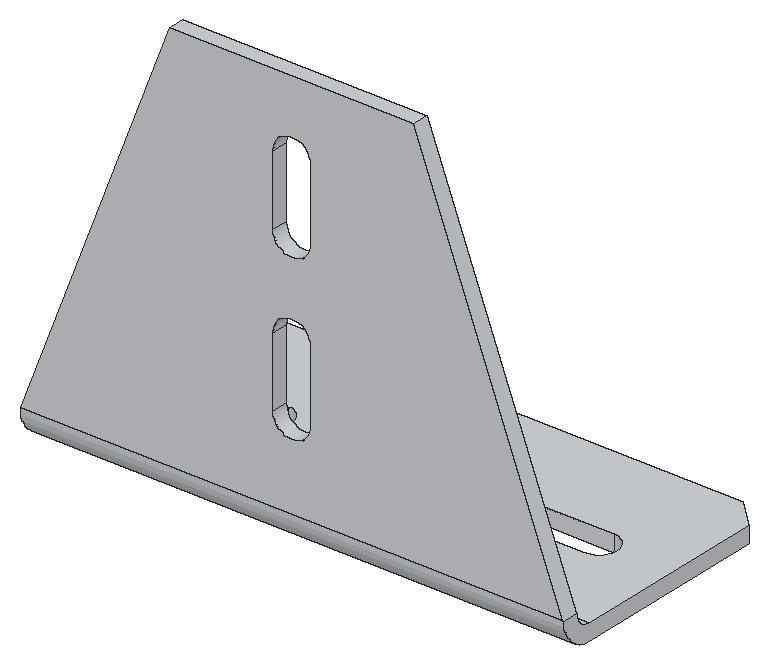
Revit family "CENTUM T-Lasche gewinkelt", category HLS-Bauteile, Revit 2017
Family settings
  Bemaßung runder Anschluss = Durchmesser verwenden
  Teiletyp = Normal
  Arbeitsebenenbasiert = Ja
  Immer vertikal = Nein
  Beim Laden mit Abzugskörper schneiden = Nein
  Gemeinsam genutzt = Ja
  Raumberechnungspunkt = Nein
Parameters (values of type "CENTUM T-Lasche gewinkelt")
  vpe = "1 St"
  min. Rohraußendurchmesser = 0 mm
  max. Rohraußendurchmesser = 0 mm
  Winkel = "90 °"
  Default Elevation = 1219.2 mm
  Stärke Material = 6 mm
  Sicherheitsfaktor = 1.54
  Regelhalter [instance] = ""
  Profiltyp = "XL 100, XL 120, XL 200"
  Profil = "CENTUM"
  Oberflaeche = "feuerstückverzinkt"
  Mengeneinheit = "St"
  Material = "Stahl"
  Länge Schenkel 2 = 95 mm
  Länge Schenkel 1 = 156.5 mm
  Lochdurchmesser = " mm"
  Langloch = "14x40 mm"
  Kurztext2 = "90 ° Schenkel 156.5 x 95 mm"
  Kurztext1 = "T-Lasche gewinkelt CENTUM"
  Gewinde = ""
  Gewicht pro Bauteil = Gewicht  # 1.97 kg
  Gewicht = 1.97 kg
  Firma = "MEFA Befestigungs- und Montagesysteme GmbH"
  Fabrikat = "MEFA"
  EAN = "4250928436870"
  Breite Material = "200 mm"
  Ausführung = ""
  Artikelnummer = "1640001040"
  Anzahl Befestigungsloch = ""
Reference planes
  plane 1 "Mitte (Vorne/hinten)": y = 0
  plane 2: z = 0
  plane 3 "Mitte (Links/rechts)": x = 0
Forms (mm)
  Extrusion 1, solid, detail levels fine
    sketch origin (0, 4, 0) x (0, 1, 0) y (0, 0, 1)
      loop
        line (-4, 156.5) -> (-4, 12)
        arc (-4, 12) -> (-0.485, 3.515) -> (8, 0) r 12
        line (8, 0) -> (91, 0) -> (91, 6) -> (8, 6)
        arc (8, 6) -> (3.757, 7.757) -> (2, 12) r 6
        line (2, 12) -> (2, 156.5) -> (-4, 156.5)
    from -100 to 100
  Extrusion 2, void, detail levels fine
    sketch origin (0, 0, 0) x (1, 0, 0) y (0, 0, 1)
      loop
        line (45, 156.5) -> (100, 11.5) -> (110, 11.5) -> (110, 161.5) -> (-110, 161.5) -> (-110, 11.5) -> (-100, 11.5) -> (-45, 156.5) -> (45, 156.5)
      loop
        arc (7, 129.5) -> (0, 136.5) -> (-7, 129.5) r 7
        line (-7, 129.5) -> (-7, 103.5)
        arc (-7, 103.5) -> (0, 96.5) -> (7, 103.5) r 7
        line (7, 103.5) -> (7, 129.5)
      loop
        arc (7, 69.5) -> (0, 76.5) -> (-7, 69.5) r 7
        line (-7, 69.5) -> (-7, 43.5)
        arc (-7, 43.5) -> (0, 36.5) -> (7, 43.5) r 7
        line (7, 43.5) -> (7, 69.5)
    from -15 to 15
  Extrusion 3, void, detail levels fine
    sketch origin (0, 0, 0) x (1, 0, 0) y (0, 1, 0)
      loop
        line (100, 95) -> (90, 95) -> (100, 85) -> (100, 95)
      loop
        line (-100, 95) -> (-100, 85) -> (-90, 95) -> (-100, 95)
      loop
        arc (73, 43) -> (80, 50) -> (73, 57) r 7
        line (73, 57) -> (47, 57)
        arc (47, 57) -> (40, 50) -> (47, 43) r 7
        line (47, 43) -> (73, 43)
      loop
        arc (13, 43) -> (20, 50) -> (13, 57) r 7
        line (13, 57) -> (-13, 57)
        arc (-13, 57) -> (-20, 50) -> (-13, 43) r 7
        line (-13, 43) -> (13, 43)
      loop
        arc (-47, 43) -> (-40, 50) -> (-47, 57) r 7
        line (-47, 57) -> (-73, 57)
        arc (-73, 57) -> (-80, 50) -> (-73, 43) r 7
        line (-73, 43) -> (-47, 43)
    from 0 to 15
  Extrusion 4, solid, detail levels coarse+medium
    sketch origin (0, 4, 0) x (0, 1, 0) y (0, 0, 1)
      loop
        line (-4, 156.5) -> (-4, 12)
        arc (-4, 12) -> (-0.485, 3.515) -> (8, 0) r 12
        line (8, 0) -> (91, 0) -> (91, 6) -> (8, 6)
        arc (8, 6) -> (3.757, 7.757) -> (2, 12) r 6
        line (2, 12) -> (2, 156.5) -> (-4, 156.5)
    from -100 to 100
Cuts and joins
  Extrusion 2, Extrusion 3 cuts Extrusion 1
Dimensions and locks
  aligned and locked: level to plane 2
